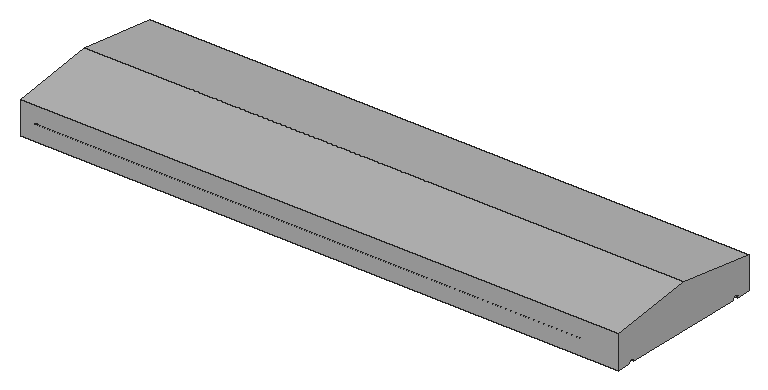
Revit family "WC419 Saddle Back", category Generic Models, Revit 2020
Family settings
  Can host rebar = No
  Round Connector Dimension = Use Diameter
  Part Type = Normal
  Work Plane-Based = No
  Always vertical = Yes
  Cut with Voids When Loaded = No
  Shared = No
  Room Calculation Point = No
Parameters
  Weight = "32Kg"
  Warranty Guarantor Parts = "n/a"
  Warranty Guarantor Labour = "n/a"
  Warranty Duration Unit = "n/a"
  Warranty Duration Parts = "n/a"
  Warranty Duration Labour = "n/a"
  Warranty Description = "n/a"
  Unit Width [instance] = 248 mm
  Unit Length [instance] = 914 mm
  Unit Height [instance] = 67 mm
  URL = "www.killeshal.com"
  Types = "Single"
  Type Comments = "Visit our website for a full list of available products."
  Sustainability Performance = "n/a"
  Structural Class = "n/a"
  Span = "Unit Length"
  Slope = "0.00°"
  Size = "248mm x 67 to 50mm"
  Shape = "As per drawing"
  Service Life = "0.000000"
  Serial Number = "n/a"
  Resistance to Fire = "n/a"
  Replacement Cost = "n/a"
  Reference = "n/a"
  Notified Body = "n/a"
  Nominal Cover to Main Bar = "n/a"
  Model = "W/C 419 Wall Cap."
  Mechanical Resistance = "n/a"
  Manufacturer = "Killeshal Precast Concrete Ltd."
  Load Bearing = no
  Life Cycle Environmental Load = "n/a"
  Length Options = "Stock size 914mm."
  Keynote = "The information contained is the sole property of KPC Ltd., any reproduction in part or whole without permission of KPC Ltd. is prohibited."
  Environmental Product Declaration = "n/a"
  Environmental Class = "n/a"
  Durability against Corrosion = "n/a"
  Dimension Accuracy Class = "n/a"
  Detailing = "As per design specification and product drawings."
  Description = "9\" Saddle Back Wall Cap"
  Default Elevation = 0 mm
  Dangerous Substances = "n/a"
  Contact Tel = "0035357 9353018"
  Contact Email = "sales@killeshal.com"
  Construction Type = "Precast"
  Construction Tolerance Class = "n/a"
  Compressive Strength of Concrete = "n/a"
  Characteristics of Reinforcing Steel = "n/a"
  Characteristics Deflection Under Load = "n/a"
Reference planes
  plane 1 "Center (Front/Back)": y = 0
  plane 2: z = 0
  plane 3 "Center (Left/Right)": x = 0
  plane 4 "Rear": y = 124
  plane 5 "Front": y = -124
  plane 6 "Top": z = 67
  plane 7 "Center L/T": z = 50
Forms (mm)
  Extrusion 1, solid, material "Precast Concrete (KPC)"
    sketch origin (0, 0, 0) x (0, 1, 0) y (0, 0, 1)
      loop
        line (-124, 50) -> (-124, 0) -> (-104, 0)
        arc (-104, 0) -> (-99, 5) -> (-94, 0) r 5
        line (-94, 0) -> (94, 0)
        arc (94, 0) -> (99, 5) -> (104, 0) r 5
        line (104, 0) -> (124, 0) -> (124, 50) -> (0, 67) -> (-124, 50)
    from 0 to 914
Dimensions and locks
  "Unit Length": Extrusion 1 to Extrusion 1
  "Unit Width": Extrusion 1 to Extrusion 1
  Extrusion 1 to plane 7 "Center L/T" = 50 mm
  "Unit Height": Extrusion 1 to plane 6 "Top"
  aligned and locked: level to plane 2
Automatic sketch dimensions
  Extrusion 1 sketch curve to plane 5 "Front" = 0 mm
  Extrusion 1 sketch curve to level = 0 mm
  Extrusion 1 sketch curve to plane 1 "Center (Front/Back)" = 0 mm
  Extrusion 1 sketch curve to plane 4 "Rear" = 0 mm
  Extrusion 1 sketch curve to plane 7 "Center L/T" = 0 mm  (x2)
  Extrusion 1 sketch curve to plane 6 "Top" = 0 mm
  plane 5 "Front" to Extrusion 1 sketch curve = 20 mm
  Extrusion 1 sketch curve to Extrusion 1 sketch curve = 5 mm  (x2)
  Extrusion 1 sketch curve to Extrusion 1 sketch curve = 30 mm
